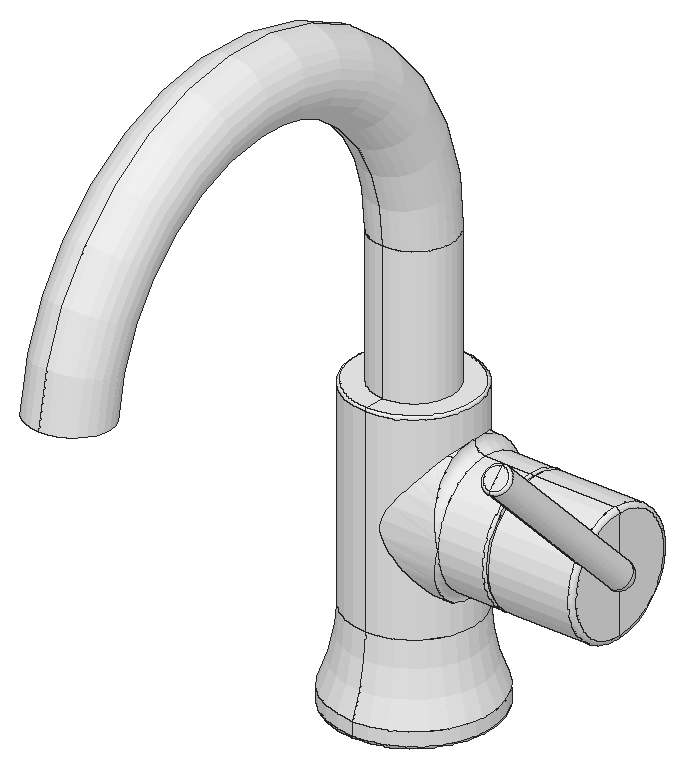
Revit family "Faucet-Delta-TRINSIC-Single_Handle_High-Arc_Lavatory_Faucet", category Plumbing Fixtures, host Face, Revit 2014
Parameters (values of type "559HA-DST")
  Width = 0' - 6 39/64"
  Warranty URL = "http://www.deltafaucet.com/customersupport/warranty.html"
  URL = "http://www.deltafaucet.com/"
  Series = "Trinsic"
  Product Page URL = "http://www.deltafaucet.com/bath/details/559ha-dst.html"
  Product Name = "Single Handle High-Arc Lavatory Faucet"
  Product Documentation Link = "http://www.deltafaucet.com/customersupport/documentation/559ha-dst.html?document=ts&fromDetailArea=bath&documentIndex=0#flashWrapper"
  Model = "559HA-DST"
  Manufacturer = "DELTA"  # constant formula
  Hot Water Connection = 3/8"
  Height = 0' - 6 39/64"
  HWC R = Hot Water Connection / 2  # 3/16"
  Flow Rate = "1.50 gpm @ 60 psi | 5.7 L/min @ 414 kPa\r\n\r\nRead more: http://www.deltafaucet.com/bath/details/559ha-dst.html#ixzz44i4LDMCe"
  Finish = Chrome - DELTA - Polished
  Description = "Trinsic - High Arc Swivel Spout"  # constant formula
  Depth = 0' - 4.95199"
  Default Elevation = 3' - 9 1/4"
  Collection = ""
  Cold Water Connection = 3/8"
  CWC R = Cold Water Connection / 2  # 3/16"
  Actual Valve Water Flow = 1.2 GPM
  ADA Compliant = yes
Types (5): name | Product Page URL | Model | Finish
  (no name) | "http://www.deltafaucet.com/bath/details/559ha-dst.html" | "559HA-DST" | Chrome - DELTA - Polished
  559HA-DST | "http://www.deltafaucet.com/bath/details/559ha-dst.html" | "559HA-DST" | Chrome - DELTA - Polished
  559HA-CZ-DST | "http://www.deltafaucet.com/bath/details/559ha-cz-dst.html" | "559HA-CZ-DST" | Champagne - DELTA - Bronze
  559HA-RB-DST | "http://www.deltafaucet.com/bath/details/559ha-rb-dst.html" | "559HA-RB-DST" | Venetian - DELTA - Bronze
  559HA-SS-DST | "http://www.deltafaucet.com/bath/details/559ha-ss-dst.html" | "559HA-SS-DST" | Steel - DELTA - Brilliance Stainless
Reference planes (in)
  plane 1 "Center (Front/Back)": y = 0
  plane 2: z = 0
  plane 3 "Center (Left/Right)": x = 0
  plane 4: x = -3.30469
  plane 5: x = 3.30469
  plane 6: y = 3.30469
  plane 7: y = -3.30469
  plane 8: z = 4.95199
  plane 9: y = 1.54958
  plane 10: y = -1.20042
  plane 11: x = -1
  plane 12: x = 1
  plane 13: z = -0.25
  plane 14: through (0, -1.91229, 3.32248) normal (0, 0.7071, -0.7071)
Forms (in)
  Revolve 1, solid, material "Chrome - DELTA - Polished" <- "Finish"
    sketch origin (0, 0, 0) x (0, 1, 0) y (0, 0, 1)
      loop
        line (0.50011, 5.51007) -> (0, 5.51007) -> (0, 0) -> (0.96505, 0)
        arc (0.96505, 0) -> (0.98627, 0.00879) -> (0.99506, 0.03002) r 0.03002
        line (0.99506, 0.03002) -> (0.99506, 0.20384)
        arc (0.99506, 0.20384) -> (0.83814, 0.66702) -> (0.785, 1.15317) r 2.25019
        line (0.785, 1.15317) -> (0.785, 3.71)
        arc (0.785, 3.71) -> (0.77621, 3.73121) -> (0.755, 3.74) r 0.03
        line (0.755, 3.74) -> (0.50011, 3.74) -> (0.50011, 5.51007)
      axis (0, 5.51007) -> (0, 0)
    angle from 0 to 360
  Sweep 2, solid, material "Chrome - DELTA - Polished" <- "Finish"
    path origin (0, 0, -4.70264) x (0, 1, 0) y (0, 0, 1)
      loop
        arc (-5.58808, 10.4666) -> (-2.67211, 13.02324) -> (0, 10.21271) r 2.7992
    profile origin (0, 0, 5.51007) x (0, 0.999987, -0.00508) y (1, 0, 0)
      loop
        spline (0.5001, 0) -> (0.48306, 0.12944) -> (0.4331, 0.25005) -> (0.35363, 0.35363) -> (0.25005, 0.43311) -> (0.12944, 0.48307) -> (0, 0.50011) -> (-0.12944, 0.48307) -> (-0.25005, 0.43311) -> (-0.35363, 0.35363) -> (-0.4331, 0.25005) -> (-0.48306, 0.12944) -> (-0.5001, 0)
        spline (-0.5001, 0) -> (-0.48306, -0.12944) -> (-0.4331, -0.25005) -> (-0.35363, -0.35363) -> (-0.25005, -0.43311) -> (-0.12944, -0.48307) -> (0, -0.50011) -> (0.12944, -0.48307) -> (0.25005, -0.43311) -> (0.35363, -0.35363) -> (0.4331, -0.25005) -> (0.48306, -0.12944) -> (0.5001, 0)
  Extrusion 3, void
    sketch origin (0, 0, -3.94287) x (0, 1, 0) y (0, 0, 1)
      loop
        line (0.70653, 9.45295) -> (-0.70042, 9.45295) -> (-0.70042, 8.90522) -> (0.70653, 8.90522) -> (0.70653, 9.45295)
    from -1 to 1
  Revolve 4, solid, material "Chrome - DELTA - Polished" <- "Finish"
    sketch origin (0, 0, 0) x (1, 0, 0) y (0, 0, 1)
      loop
        line (1.50999, 3.17901) -> (0.92501, 3.17901)
        arc (0.92501, 3.17901) -> (0.82587, 3.22007) -> (0.78481, 3.3192) r 0.14019
        line (0.78481, 3.3192) -> (-0.07804, 3.3192) -> (-0.07804, 2.41003) -> (2.67127, 2.41003) -> (2.67127, 3.12252)
        arc (2.67127, 3.12252) -> (2.65253, 3.16267) -> (2.61136, 3.17902) r 0.06001
        line (2.61136, 3.17902) -> (1.58398, 3.17902) -> (1.58398, 3.11893) -> (1.53975, 3.11893) -> (1.53975, 3.15269)
        arc (1.53975, 3.15269) -> (1.52985, 3.17148) -> (1.50999, 3.17901) r 0.02998
      axis (-0.07804, 2.41003) -> (2.67127, 2.41003)
    angle from 0 to 360
  Extrusion 5, void
    sketch origin (0, 0, 0) x (0, 1, 0) y (0, 0, 1)
      loop
        line (-0.9694, 3.5) -> (-0.9694, 1.25) -> (0.9694, 1.25) -> (0.9694, 3.5) -> (-0.9694, 3.5)
      loop
        spline (0, 1.46862) -> (0.19903, 1.50067) -> (0.3845, 1.59467) -> (0.54376, 1.74418) -> (0.66597, 1.93904) -> (0.74279, 2.16595) -> (0.76899, 2.40946) -> (0.74279, 2.65297) -> (0.66597, 2.87988) -> (0.54376, 3.07474) -> (0.3845, 3.22426) -> (0.19903, 3.31825) -> (0, 3.35031)
        spline (0, 3.35031) -> (-0.19903, 3.31825) -> (-0.3845, 3.22426) -> (-0.54376, 3.07474) -> (-0.66597, 2.87988) -> (-0.74279, 2.65297) -> (-0.76899, 2.40946) -> (-0.74279, 2.16595) -> (-0.66597, 1.93904) -> (-0.54376, 1.74418) -> (-0.3845, 1.59467) -> (-0.19903, 1.50067) -> (0, 1.46862)
    from -0.4224 to 2.80188
  Revolve 6, solid, material "Chrome - DELTA - Polished" <- "Finish"
    sketch origin (2.64221, 0, 0) x (0, 1, 0) y (0, 0, 1)
      loop
        line (-1.96717, 4.37717) -> (0.14897, 2.26103)
        arc (0.14897, 2.26103) -> (0.18562, 2.40195) -> (0.12376, 2.53376) r 0.2143
        line (0.12376, 2.53376) -> (-1.8223, 4.47983)
        arc (-1.8223, 4.47983) -> (-1.84341, 4.48857) -> (-1.86451, 4.47983) r 0.02985
        line (-1.86451, 4.47983) -> (-1.96717, 4.37717)
      axis (-1.96717, 4.37717) -> (0.14897, 2.26103)
    angle from 0 to 360
  Extrusion 7, void
    sketch origin (0, 1.26016, 1.22129) x (1, 0, 0) y (0, -0.707107, 0.707107)
      loop
        line (1.9828, 0.82903) -> (1.593, 1.68437) -> (1.53975, 1.68437) -> (1.53975, 0.82903) -> (1.9828, 0.82903)
    from -1.82754 to 1.58257
  Revolve 8, solid
    sketch origin (0, 0, 2.41016) x (1, 0, 0) y (0, 1, 0)
      loop
        line (1.53975, 0) -> (1.82475, 0) -> (1.82475, 0.59208)
        arc (1.82475, 0.59208) -> (1.68699, 0.64484) -> (1.53975, 0.65367) r 0.48415
        line (1.53975, 0.65367) -> (1.53975, 0)
      axis (1.53975, 0) -> (1.82475, 0)
    angle from 0 to 360
  Extrusion 9, solid, material "Chrome - DELTA - Polished" <- "Finish"
    sketch origin (0, 0, 0) x (1, 0, 0) y (0, 1, 0)
      loop
        circle (-0.38292, 0) r 0.1875
      loop
        circle (0.38292, 0) r 0.1875
    from -0.08393 to 0
Cuts and joins
  Extrusion 3 cuts Sweep 2
  Extrusion 5, Extrusion 7 cuts Revolve 4
  joined: Revolve 1, Revolve 4, Revolve 6
Lines and regions (in)
  Masking region 1, detail levels coarse
    outline origin (0, 0, 0) x (1, 0, 0) y (0, 1, 0)
      loop
        line (-1, 0.99509) -> (-1, -6.08742) -> (2.82071, -6.08742) -> (2.82071, 0.99509) -> (-1, 0.99509)
  Masking region 2, detail levels medium
    outline origin (0, 0, 0) x (1, 0, 0) y (0, 1, 0)
      loop
        line (2.46504, -2.07924) -> (2.82071, -2.07924) -> (2.82071, 0.77356) -> (0.80461, 0.77356) -> (0.80461, 0.99509) -> (-1, 0.99509) -> (-1, -1.00491) -> (-0.50379, -1.00491) -> (-0.50379, -6.08742) -> (0.49942, -6.08742) -> (0.49942, -1.00491) -> (0.80461, -1.00491) -> (0.80461, -0.76509) -> (2.46504, -0.76509) -> (2.46504, -2.07924)
  Masking region 3, detail levels fine
    outline origin (0, 0, 0) x (1, 0, 0) y (0, 1, 0)
      loop
        spline (-0.00001, -6.08635) -> (0.06349, -6.08231) -> (0.12597, -6.07028) -> (0.1864, -6.05044) -> (0.24382, -6.02312) -> (0.29728, -5.98876) -> (0.34594, -5.94791) -> (0.389, -5.90123) -> (0.42576, -5.84948) -> (0.45563, -5.79351) -> (0.47812, -5.7342) -> (0.49287, -5.67254) -> (0.49965, -5.6095)
        line (0.49965, -5.6095) -> (0.49965, -0.86052)
        arc (0.49965, -0.86052) -> (0.56748, -0.81738) -> (0.63162, -0.7689) r 0.99506
        line (0.63162, -0.7689) -> (1.50956, -0.7689)
        arc (1.50956, -0.7689) -> (1.53063, -0.76266) -> (1.53975, -0.74266) r 0.0265
        line (1.53975, -0.74266) -> (1.53975, -0.70901) -> (1.58393, -0.70901) -> (1.58393, -0.7689) -> (2.46669, -0.7689) -> (2.46669, -1.95721)
        arc (2.46669, -1.95721) -> (2.64327, -2.0792) -> (2.81986, -1.95721) r 0.1888
        line (2.81986, -1.95721) -> (2.81986, 0)
        arc (2.81986, 0) -> (2.77812, 0.11812) -> (2.67127, 0.1835) r 0.18727
        line (2.67127, 0.1835) -> (2.67127, 0.71249)
        arc (2.67127, 0.71249) -> (2.6543, 0.75346) -> (2.61333, 0.77042) r 0.05794
        line (2.61333, 0.77042) -> (1.83525, 0.77042)
        arc (1.83525, 0.77042) -> (1.78182, 0.75998) -> (1.73386, 0.73421) r 0.18208
        arc (1.73386, 0.73421) -> (1.68867, 0.69502) -> (1.64949, 0.64983) r 0.42108
        arc (1.64949, 0.64983) -> (1.59474, 0.65522) -> (1.53975, 0.65367) r 0.43554
        line (1.53975, 0.65367) -> (1.53975, 0.74266)
        arc (1.53975, 0.74266) -> (1.53176, 0.76193) -> (1.51249, 0.76991) r 0.02725
        line (1.51249, 0.76991) -> (0.63039, 0.76991)
        arc (0.63039, 0.76991) -> (-0.81783, 0.56683) -> (-0.49965, -0.86052) r 0.99506
        line (-0.49965, -0.86052) -> (-0.49965, -5.6095)
        spline (-0.49965, -5.6095) -> (-0.49287, -5.67254) -> (-0.47812, -5.7342) -> (-0.45563, -5.7935) -> (-0.42576, -5.84948) -> (-0.389, -5.90123) -> (-0.34595, -5.9479) -> (-0.29729, -5.98875) -> (-0.24382, -6.02312) -> (-0.18641, -6.05044) -> (-0.12598, -6.07028) -> (-0.06351, -6.08231) -> (-0.00001, -6.08635)
  symbolic lines, detail levels fine
    curve 1: arc (0.49965, 0.02152, 0) -> (0, 0.50011, 0) -> (-0.49965, 0.02152, 0) r 0.50011
    curve 2: line (-0.49965, -0.86052, 0) -> (-0.49965, 0.02152, 0)
    curve 3: line (0.49965, -0.86052, 0) -> (0.49965, 0.02152, 0)
    curve 4: arc (-0.49965, -0.61052, 0) -> (0, 0.78796, 0) -> (0.49965, -0.61052, 0) r 0.7885
    curve 5: line (0.63039, 0.76991, 0) -> (0.16776, 0.76991, 0)
    curve 6: line (0.63162, -0.7689, 0) -> (0.49965, -0.7689, 0)
    curve 7: line (1.81929, -0.00005, 0) -> (1.593, 0.57615, 0)
    curve 8: spline (1.593, -0.50923, 0) -> (1.61371, -0.47436, 0) -> (1.6343, -0.43769, 0) -> (1.6547, -0.39933, 0) -> (1.67484, -0.35941, 0) -> (1.69466, -0.31805, 0) -> (1.7141, -0.2754, 0) -> (1.73309, -0.23158, 0) -> (1.75158, -0.18674, 0) -> (1.76949, -0.14102, 0) -> (1.78679, -0.09456, 0) -> (1.8034, -0.04752, 0) -> (1.81929, -0.00005, 0)
    curve 9: line (1.593, 0.57615, 0) -> (1.593, -0.50923, 0)
    curve 10: spline (0.78392, -0.34239, 0) -> (0.78622, -0.40877, 0) -> (0.79045, -0.47072, 0) -> (0.79658, -0.52778, 0) -> (0.80456, -0.57952, 0) -> (0.81434, -0.62557, 0) -> (0.82583, -0.66558, 0) -> (0.83897, -0.69925, 0) -> (0.85365, -0.72634, 0) -> (0.86976, -0.74665, 0) -> (0.88718, -0.76002, 0) -> (0.90578, -0.76636, 0) -> (0.92543, -0.76562, 0)
    curve 11: line (0.78481, -0.01712, 0) -> (0.78481, -0.34059, 0)
    curve 12: line (0.78481, 0.34059, 0) -> (0.78481, 0.01712, 0)
    curve 13: spline (0.92546, 0.76562, 0) -> (0.90544, 0.76632, 0) -> (0.88652, 0.75995, 0) -> (0.86886, 0.74654, 0) -> (0.85257, 0.72621, 0) -> (0.83778, 0.69911, 0) -> (0.82461, 0.66543, 0) -> (0.81314, 0.62542, 0) -> (0.80346, 0.57939, 0) -> (0.79565, 0.52766, 0) -> (0.78976, 0.47063, 0) -> (0.78583, 0.40872, 0) -> (0.7839, 0.34238, 0)
    curve 14: line (1.53975, 0.74266, 0) -> (1.53975, -0.74266, 0)
    curve 15: line (2.67127, 0.1835, 0) -> (2.67127, -0.71249, 0)
    curve 16: arc (2.67127, -0.71249, 0) -> (2.65491, -0.75198, 0) -> (2.61541, -0.76834, 0) r 0.05585
    curve 17: line (2.46669, -0.7689, 0) -> (2.61541, -0.7689, 0)
  symbolic lines, not visible, detail levels fine
    curve 18: arc (0.49965, 0.02152, 0) -> (0, 0.50011, 0) -> (-0.49965, 0.02152, 0) r 0.50011
    curve 19: line (-0.49965, -0.86052, 0) -> (-0.49965, 0.02152, 0)
    curve 20: line (0.49965, -0.86052, 0) -> (0.49965, 0.02152, 0)
    curve 21: arc (-0.49965, -0.61052, 0) -> (0, 0.78796, 0) -> (0.49965, -0.61052, 0) r 0.7885
    curve 22: line (0.63039, 0.76991, 0) -> (0.16776, 0.76991, 0)
    curve 23: line (0.63162, -0.7689, 0) -> (0.49965, -0.7689, 0)
    curve 24: line (1.81929, -0.00005, 0) -> (1.593, 0.57615, 0)
    curve 25: spline (1.593, -0.50923, 0) -> (1.61371, -0.47436, 0) -> (1.6343, -0.43769, 0) -> (1.6547, -0.39933, 0) -> (1.67484, -0.35941, 0) -> (1.69466, -0.31805, 0) -> (1.7141, -0.2754, 0) -> (1.73309, -0.23158, 0) -> (1.75158, -0.18674, 0) -> (1.76949, -0.14102, 0) -> (1.78679, -0.09456, 0) -> (1.8034, -0.04752, 0) -> (1.81929, -0.00005, 0)
    curve 26: line (1.593, 0.57615, 0) -> (1.593, -0.50923, 0)
    curve 27: spline (0.78392, -0.34239, 0) -> (0.78622, -0.40877, 0) -> (0.79045, -0.47072, 0) -> (0.79658, -0.52778, 0) -> (0.80456, -0.57952, 0) -> (0.81434, -0.62557, 0) -> (0.82583, -0.66558, 0) -> (0.83897, -0.69925, 0) -> (0.85365, -0.72634, 0) -> (0.86976, -0.74665, 0) -> (0.88718, -0.76002, 0) -> (0.90578, -0.76636, 0) -> (0.92543, -0.76562, 0)
    curve 28: line (0.78481, -0.01712, 0) -> (0.78481, -0.34059, 0)
    curve 29: line (0.78481, 0.34059, 0) -> (0.78481, 0.01712, 0)
    curve 30: spline (0.92546, 0.76562, 0) -> (0.90544, 0.76632, 0) -> (0.88652, 0.75995, 0) -> (0.86886, 0.74654, 0) -> (0.85257, 0.72621, 0) -> (0.83778, 0.69911, 0) -> (0.82461, 0.66543, 0) -> (0.81314, 0.62542, 0) -> (0.80346, 0.57939, 0) -> (0.79565, 0.52766, 0) -> (0.78976, 0.47063, 0) -> (0.78583, 0.40872, 0) -> (0.7839, 0.34238, 0)
    curve 31: line (1.53975, 0.74266, 0) -> (1.53975, -0.74266, 0)
    curve 32: line (2.67127, 0.1835, 0) -> (2.67127, -0.71249, 0)
    curve 33: arc (2.67127, -0.71249, 0) -> (2.65491, -0.75198, 0) -> (2.61541, -0.76834, 0) r 0.05585
    curve 34: line (2.46669, -0.7689, 0) -> (2.61541, -0.7689, 0)
Dimensions and locks (in)
  equal spacing: plane 6, plane 1 "Center (Front/Back)", plane 7
  equal spacing: plane 4, plane 3 "Center (Left/Right)", plane 5
  "Width": plane 4 to plane 5
  "Height": plane 6 to plane 7
  "Depth": plane 8 to level
  equal spacing: plane 11, plane 3 "Center (Left/Right)", plane 12
  locked: plane 11 to plane 12 at 2
  locked: level to plane 13 at 0.25
  Revolve 6 sketch curve to plane 1 "Center (Front/Back)" to Revolve 6 sketch curve to Revolve 6 sketch curve to Revolve 6 sketch curve to Revolve 6 sketch curve = 0' - 0.12376" locked, 0' - 0.02777" locked, 0' - 1.79453" locked, 0' - 0.04221" locked, 0' - 0.10266" locked
  Revolve 6 sketch curve to Revolve 6 sketch curve to Revolve 6 sketch curve to Revolve 6 sketch curve to Revolve 6 sketch curve to plane 2 = 0' - 0" locked, 0' - 0.10266" locked, 0' - 1.84341" locked, 0' - 0.15153" locked, 0' - 2.38223" locked
  Revolve 4 sketch curve to Revolve 4 sketch curve to Revolve 4 sketch curve to Revolve 4 sketch curve to plane 3 "Center (Left/Right)" to Revolve 4 sketch curve = 0' - 0.05991" locked, 0' - 1.02738" locked, 0' - 0.04423" locked, 0' - 1.53975" locked, 0' - 0.07804" locked
  Revolve 4 sketch curve to Revolve 4 sketch curve to Revolve 4 sketch curve to Revolve 4 sketch curve to plane 2 = 0' - 0.14018" locked, 0' - 0" locked, 0' - 0.76898" locked, 0' - 2.41003" locked
  Extrusion 5 sketch curve to Extrusion 5 sketch curve to Extrusion 5 sketch curve to plane 2 = 0' - 1.09054" locked, 0' - 1.15946" locked, 0' - 1 1/4" locked
  Extrusion 5 sketch curve to plane 1 "Center (Front/Back)" to Extrusion 5 sketch curve to Extrusion 5 sketch curve = 0' - 0.9694" locked, 0' - 0" locked, 0' - 0.9694" locked
  Revolve 1 sketch curve to Revolve 1 sketch curve to Revolve 1 sketch curve to Revolve 1 sketch curve to plane 1 "Center (Front/Back)" = 0' - 2.04012" locked, 0' - 0.21006" locked, 0' - 0.28489" locked, 0' - 0.50011" locked
  Revolve 1 sketch curve to Revolve 1 sketch curve to plane 2 = 0' - 1.77007" locked, 0' - 3.74" locked
  plane 1 "Center (Front/Back)" to Sweep 2 sketch curve to Sweep 2 sketch curve = 0' - 0" locked, 0' - 5.58808" locked
  Sweep 2 sketch curve to Sweep 2 sketch curve to plane 2 = 0' - 0 65/256" locked, 0' - 5.51007" locked
  Extrusion 9 sketch curve to plane 3 "Center (Left/Right)" to Extrusion 9 sketch curve = 0' - 0.38292" locked, 0' - 0.38292" locked
  locked: plane 2 to Extrusion 9 at 0.08393
  locked: plane 3 "Center (Left/Right)" to Sweep 2 sketch curve at 0
  locked: plane 1 "Center (Front/Back)" to Sweep 2 sketch curve at 0
  Extrusion 3 sketch curve to Extrusion 3 sketch curve to plane 8 = 0' - 0.54773" locked, 0' - 0.01037" locked
  Extrusion 3 sketch curve to plane 1 "Center (Front/Back)" to Extrusion 3 sketch curve = 0' - 0.70042" locked, 0' - 0.70653" locked
  plane 3 "Center (Left/Right)" to Revolve 6 sketch curve to Revolve 6 sketch curve = 0' - 2.64221" locked, 0' - 0" locked
  Revolve 6 sketch curve to plane 1 "Center (Front/Back)" to Revolve 6 sketch curve = 0' - 1.96717", 0' - 0.12376"
  Extrusion 7 sketch curve to Extrusion 7 sketch curve to Extrusion 7 sketch curve to plane 3 "Center (Left/Right)" = 0' - 0.3898" locked, 0' - 0.05326" locked, 0' - 1.53975" locked
  plane 8 to Extrusion 7 sketch curve to Extrusion 7 sketch curve = 0' - 2.53966" locked, 0' - 0.60482" locked
  plane 1 "Center (Front/Back)" to Extrusion 7 sketch curve to Extrusion 7 sketch curve = 0' - 0.06913" locked, 0' - 0.60482" locked
  Extrusion 7 sketch curve to Extrusion 7 sketch curve to plane 2 = 0' - 0.60482" locked, 0' - 1.80751" locked
  Revolve 8 sketch curve to Revolve 8 sketch curve to plane 2 = 0' - 0" locked, 0' - 2 105/256" locked
  Revolve 8 sketch curve to Revolve 8 sketch curve to plane 3 "Center (Left/Right)" = 0' - 0.3661" locked, 0' - 1.53975" locked
  locked: plane 1 "Center (Front/Back)" to Revolve 8 sketch curve at 0.65576
  plane 3 "Center (Left/Right)" to Revolve 8 sketch curve to Revolve 8 sketch curve = 0' - 1.53975", 0' - 0.285"
  Masking region 1 sketch curve to plane 3 "Center (Left/Right)" to Masking region 1 sketch curve = 0' - 1" locked, 0' - 2.82071" locked
  Masking region 1 sketch curve to plane 1 "Center (Front/Back)" to Masking region 1 sketch curve = 0' - 6.08742" locked, 0' - 0.99509" locked
  Masking region 2 sketch curve to Masking region 2 sketch curve to plane 3 "Center (Left/Right)" to Masking region 2 sketch curve to Masking region 2 sketch curve to Masking region 2 sketch curve to Masking region 2 sketch curve to Masking region 2 sketch curve = 0' - 0.49621" locked, 0' - 0.50379" locked, 0' - 0.49942" locked, 0' - 0.30519" locked, 0' - 0" locked, 0' - 1.66043" locked, 0' - 0.35567" locked
  Masking region 2 sketch curve to Masking region 2 sketch curve to Masking region 2 sketch curve to Masking region 2 sketch curve to Masking region 2 sketch curve to plane 1 "Center (Front/Back)" to Masking region 2 sketch curve to Masking region 2 sketch curve = 0' - 4.00818" locked, 0' - 1.07433" locked, 0' - 0" locked, 0' - 0.23982" locked, 0' - 0.76509" locked, 0' - 0.77356" locked, 0' - 0.22153" locked
  aligned and locked: plane 2 to host face
  aligned and locked: level to host face
  aligned and locked: Revolve 1 sketch curve to plane 2
  aligned and locked: Revolve 1 sketch curve to plane 1 "Center (Front/Back)"  (x2)
  aligned and locked: plane 1 "Center (Front/Back)" to Extrusion 9 sketch curve  (x2)
  aligned and locked: plane 2 to Extrusion 9
  aligned and locked: plane 3 "Center (Left/Right)" to Sweep 2 sketch curve
  aligned and locked: Extrusion 3 to plane 11
  aligned and locked: Extrusion 3 to plane 12
  aligned and locked: plane 1 "Center (Front/Back)" to Revolve 8 sketch curve
Automatic sketch dimensions
  host sketch curve to host sketch curve = 8' - 0"  (x2)
  Revolve 1 sketch curve to level = 0' - 0"
  Revolve 1 sketch curve to Revolve 1 sketch curve = 0' - 0.03"
  level to Revolve 1 sketch curve = 0' - 0.03002"
  Revolve 1 sketch curve to Revolve 1 sketch curve = 0' - 0.17382"
  Revolve 1 sketch curve to Revolve 1 sketch curve = 0' - 0.11787"
  plane 7 to Sweep 2 sketch curve = 0' - 0.50553"
  Sweep 2 sketch curve to profile plane = 0' - 0"
  Sweep 2 sketch curve to Sweep 2 sketch curve = 0' - 0.5001"
  profile plane to Sweep 2 sketch curve = 0' - 0.50011"
  Sweep 2 sketch curve to Sweep 2 sketch curve = 0' - 0"
  plane 12 to Revolve 4 sketch curve = 0' - 0.07499"
  Revolve 4 sketch curve to Revolve 4 sketch curve = 0' - 0.02976"
  Revolve 4 sketch curve to Revolve 4 sketch curve = 0' - 0.0035"
  Revolve 4 sketch curve to Revolve 4 sketch curve = 0' - 0.03009"
  Revolve 4 sketch curve to Revolve 4 sketch curve = 0' - 0.00366"
  Revolve 4 sketch curve to Revolve 4 sketch curve = 0' - 0"  (x2)
  Revolve 4 sketch curve to Revolve 4 sketch curve = 0' - 0.22296"
  Revolve 6 sketch curve to Revolve 6 sketch curve = 0' - 0"  (x2)
  Revolve 6 sketch curve to Revolve 6 sketch curve = 0' - 0.04765"  (x2)
  Revolve 6 sketch curve to Revolve 6 sketch curve = 0' - 0.02111"
  Extrusion 5 sketch curve to Extrusion 5 sketch curve = 0' - 0.14969"
  Extrusion 7 sketch curve to Extrusion 7 sketch curve = 0' - 0.85534"
  plane 1 "Center (Front/Back)" to Revolve 8 sketch curve = 0' - 0"  (x2)
  Revolve 8 sketch curve to Revolve 8 sketch curve = 0' - 0.04499"
  Revolve 8 sketch curve to plane 1 "Center (Front/Back)" = 0' - 0.17161"
  Revolve 8 sketch curve to Revolve 8 sketch curve = 0' - 0"
  Revolve 8 sketch curve to Revolve 8 sketch curve = 0' - 0.08109"
  Revolve 8 sketch curve to plane 12 = 0' - 0.53975"
  Revolve 8 sketch curve to Revolve 8 sketch curve = 0' - 0.285"
  Revolve 8 sketch curve to Revolve 8 sketch curve = 0' - 0.42047"
  Masking region 3 sketch curve to Masking region 3 sketch curve = 0' - 0"  (x3)
  plane 1 "Center (Front/Back)" to Masking region 3 sketch curve = 0' - 0"  (x2)
  Masking region 3 sketch curve to plane 3 "Center (Left/Right)" = 0' - 0"  (x2)
  Masking region 3 sketch curve to plane 3 "Center (Left/Right)" = 0' - 0.49965"
  plane 12 to Masking region 3 sketch curve = 0' - 0.36961"
  Masking region 3 sketch curve to plane 12 = 0' - 0.51249"
  Masking region 3 sketch curve to plane 12 = 0' - 0.51324"
  Masking region 3 sketch curve to Masking region 3 sketch curve = 0' - 0.0265"
  Masking region 3 sketch curve to Masking region 3 sketch curve = 0' - 0.02725"
  Masking region 3 sketch curve to plane 1 "Center (Front/Back)" = 0' - 0.21995"
  Masking region 3 sketch curve to Masking region 3 sketch curve = 0' - 0.03979"
  Masking region 3 sketch curve to Masking region 3 sketch curve = 0' - 0.04418"
  Masking region 3 sketch curve to Masking region 3 sketch curve = 0' - 0.2955"
  Masking region 3 sketch curve to Masking region 3 sketch curve = 0' - 0 1/128"
  Masking region 3 sketch curve to Masking region 3 sketch curve = 0' - 0.14335"
  Masking region 3 sketch curve to plane 5 = 0' - 0.838"
  Masking region 3 sketch curve to plane 5 = 0' - 0.69136"
  Masking region 3 sketch curve to plane 1 "Center (Front/Back)" = 0' - 0.00026"
  Masking region 3 sketch curve to plane 5 = 0' - 0.6721"
  Masking region 3 sketch curve to Masking region 3 sketch curve = 0' - 0.17659"  (x2)
  Masking region 3 sketch curve to Masking region 3 sketch curve = 0' - 0.03868"
  plane 10 to Masking region 3 sketch curve = 0' - 0.49141"
  Masking region 3 sketch curve to Masking region 3 sketch curve = 0' - 0.03364"
  plane 10 to Masking region 3 sketch curve = 0' - 0.43153"
  plane 10 to Masking region 3 sketch curve = 0' - 0.3399"  (x2)
  Masking region 3 sketch curve to plane 10 = 0' - 0.68997"
  Masking region 3 sketch curve to Masking region 3 sketch curve = 0' - 0.06682"
  Masking region 3 sketch curve to plane 7 = 0' - 2.30481"
  Masking region 3 sketch curve to plane 1 "Center (Front/Back)" = 0' - 0.39728"
  Masking region 3 sketch curve to Masking region 3 sketch curve = 0' - 0.19124"
  Masking region 3 sketch curve to Masking region 3 sketch curve = 0' - 0.08899"
  Masking region 3 sketch curve to Masking region 3 sketch curve = 0' - 0.52899"
  Masking region 3 sketch curve to Masking region 3 sketch curve = 0' - 0.00045"  (x2)
  plane 3 "Center (Left/Right)" to Masking region 3 sketch curve = 0' - 0"
  Masking region 3 sketch curve to Masking region 3 sketch curve = 0' - 0.13197"
  Masking region 3 sketch curve to Masking region 3 sketch curve = 0' - 0.00369"
  Masking region 3 sketch curve to Masking region 3 sketch curve = 0' - 0.10975"
  Masking region 3 sketch curve to Masking region 3 sketch curve = 0' - 0.02142"
  radius of Extrusion 9 sketch curve = 0' - 0 3/16"  (x2)
Connectors (in)
  piping at (-0.38292, 0, -0.08393), diameter 0.375, driven by "Actual Valve Water Flow", driven by "HWC R"
    settings: on Extrusion 9, index 1, connector inside diameter 24", connector length 0' - 0", flow factor 0, pipe flow 1.2 GPM, pressure drop 0.00 psi, fitting loss kfactor 0, connector angle 0.00°, fixture units 0, engagement length 0' - 0", angle of deflection 0.00°, flow configuration 0, flow direction 1, fitting loss method 0, system type 19, joint type 0, gender type 0, connector reference index -1, connector utility 0, adjustable connector no, is connector primary yes, connector description "Hot Water Connector"
  piping at (0.38292, 0, -0.08393), diameter 0.375, driven by "Actual Valve Water Flow", driven by "CWC R"
    settings: on Extrusion 9, index 2, connector inside diameter 24", connector length 0' - 0", flow factor 0, pipe flow 1.2 GPM, pressure drop 0.00 psi, fitting loss kfactor 0, connector angle 0.00°, fixture units 0, engagement length 0' - 0", angle of deflection 0.00°, flow configuration 0, flow direction 1, fitting loss method 0, system type 20, joint type 0, gender type 0, connector reference index -1, connector utility 0, adjustable connector no, is connector primary no, connector description "Cold Water Connector"
